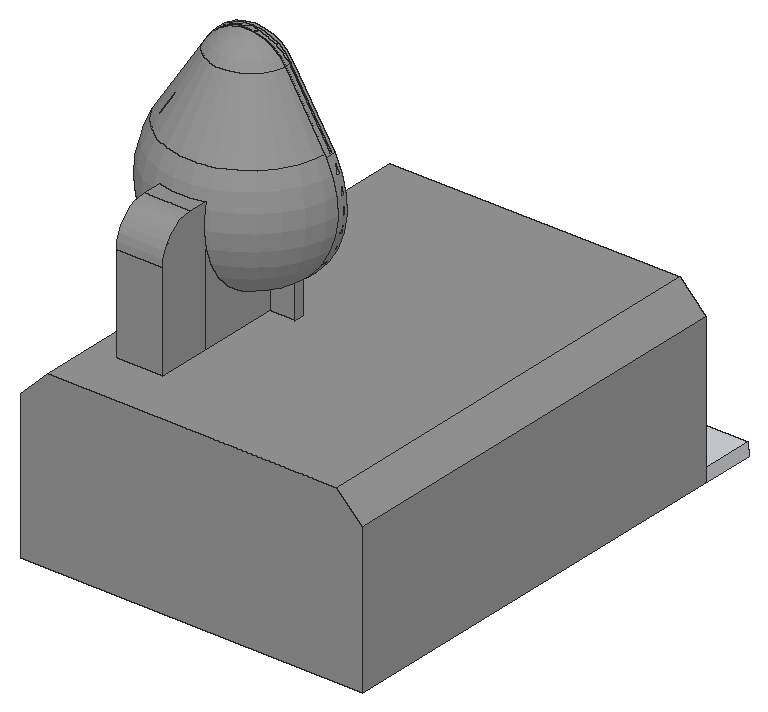
Revit family "Combination-Willoughby-ECW-2696-L-ON", category Plumbing Fixtures, Revit 2015
Parameters (values of type "Standard")
  Waste DIA = 2 3/8"
  Waste Connection = yes
  Vent Connection = no
  URL = "https://www.willoughby-ind.com/wp-content/uploads/2017/12/2696.pdf"
  Type Comments = ""
  Revision = "A"
  Model = "ECW-2696-L-ON"
  Manufacturer = "Willoughby Industries"
  Lav Waste DIA = 1 1/2"
  Lav Waste Connection = yes
  HW Connection = no
  Flush Inlet DIA = 1 1/2"
  Flush Inlet Connection = yes
  Fixture Body = Stainless Steel AISI 304-Willoughby
  Description = "2696 Combination Unit, Wall toilet waste outlet, Left hand toilet, Mounted off the floor"
  Default Elevation = 0' - 0"
  Contact = "(800) 428-4065"
  CW Connection = no
Reference planes (in)
  plane 1 "Center (Front/Back)/Base": y = 0
  plane 2: z = 0
  plane 3 "Center (Left/Right)": x = 0
  plane 4 "Unit Right": x = 13
  plane 5 "Unit Left": x = -13
  plane 6: z = 11.25
  plane 7: z = 13.25
  plane 8 "Front Face Right": x = 11
  plane 9 "Front Face Left": x = -11
  plane 10 "Top Of Unit": y = 36.5
  plane 11 "Top Of Sink": y = 32.5
  plane 12 "LAV C/L": x = -4
  plane 13 "Top Of Seat": y = 15
  plane 14: y = 3
  plane 15: x = 7.25
  plane 16: y = 11.5
  plane 17: y = 20.5
  plane 18: y = 24.25
  plane 19: x = -13
  plane 20: x = 13
  plane 21: x = -11
  plane 22: x = 11
  plane 23 "TOP": y = 36.5
  plane 24 "LAV": y = 32.5
  plane 25: x = 4
  plane 26 "Seat HGT": y = 15
  plane 27: y = 3
  plane 28: x = -7.25
  plane 29 "Waste HGT": y = 11.5
  plane 30 "Flush HGT": y = 20.5
  plane 31 "Lav Waste HGT": y = 24.25
  plane 32: z = 25.26837
  plane 33: z = 30.14337
  plane 34: x = -4.2508
  plane 35: x = -10.2508
  plane 36: z = -3
Forms (in)
  Extrusion 1, solid, material "Stainless Steel AISI 304-Willoughby" <- "Fixture Body"
    sketch origin (0, 0, 0) x (-1, 0, 0) y (0, 0, -1)
      loop
        line (13, 0) -> (-13, 0) -> (-13, -11.25) -> (-11, -13.25) -> (10.952, -13.25) -> (13, -11.202) -> (13, 0)
    from 0 to -32.5
  Extrusion 2, solid
    sketch origin (0, 0, 0) x (-1, 0, 0) y (0, 0, -1)
      loop
        line (13, 0) -> (-13, 0) -> (-13, -1) -> (13, -1) -> (13, 0)
    from -32.5 to -36.5
  Revolve 3, void
    sketch origin (0, 32.5, -24) x (0, 0, -1) y (1, 0, 0)
      loop
        spline (-26.375, 4) -> (-26.53685, 5.81173) -> (-27.01138, 7.5) -> (-27.76624, 8.94975) -> (-28.75, 10.06218) -> (-29.89561, 10.76148) -> (-31.125, 11) -> (-32.35439, 10.76148) -> (-33.5, 10.06218) -> (-34.48376, 8.94975) -> (-35.23862, 7.5) -> (-35.71315, 5.81173) -> (-35.875, 4)
        line (-35.875, 4) -> (-26.375, 4)
      axis (-35.875, 4) -> (-26.375, 4)
    angle from 0 to 180
  Revolve 4, solid, material "Stainless Steel AISI 304-Willoughby" <- "Fixture Body"
    sketch origin (0, 11.5, -24) x (0, 0, -1) y (1, 0, 0)
      loop
        line (-21, -7.25) -> (-21, -6.0625) -> (-25, -6.0625) -> (-25, -7.25) -> (-21, -7.25)
      axis (-21, -7.25) -> (-25, -7.25)
    angle from 0 to 360
  Revolve 5, solid, material "Stainless Steel AISI 304-Willoughby" <- "Fixture Body"
    sketch origin (0, 20.5, -24) x (0, 0, -1) y (1, 0, 0)
      loop
        line (-23.99302, -7.25) -> (-23.99302, -6.5) -> (-25, -6.5) -> (-25, -7.25) -> (-23.99302, -7.25)
      axis (-23.99302, -7.25) -> (-25, -7.25)
    angle from 0 to 360
  Revolve 6, solid, material "Stainless Steel AISI 304-Willoughby" <- "Fixture Body"
    sketch origin (0, 24.25, -24) x (0, 0, -1) y (1, 0, 0)
      loop
        line (-21, 4) -> (-21, 4.75) -> (-25, 4.75) -> (-25, 4) -> (-21, 4)
      axis (-21, 4) -> (-25, 4)
    angle from 0 to 360
  Revolve 7, solid, material "Stainless Steel AISI 304-Willoughby" <- "Fixture Body"
    sketch origin (-7.2508, 14.75, 9.00962) x (0, 0, -1) y (-1, 0, 0)
      loop
        arc (-16.25875, -6.02566) -> (-9.22764, -6.08019) -> (-5.69625, 0) r 7
        line (-5.69625, 0) -> (-6.19625, 0)
        arc (-6.19625, 0) -> (-9.4731, -5.64458) -> (-15.99973, -5.59794) r 6.5
        line (-15.99973, -5.59794) -> (-20.8721, -2.57392)
        arc (-20.8721, -2.57392) -> (-21.91777, -1.47245) -> (-22.28998, 0) r 3
        line (-22.28998, 0) -> (-22.79, 0)
        arc (-22.79, 0) -> (-22.35472, -1.71553) -> (-21.13577, -2.99875) r 3.5
        line (-21.13577, -2.99875) -> (-16.25875, -6.02566)
      axis (-22.79, 0) -> (-5.69625, 0)
    angle from 0 to 180
  Extrusion 8, solid, material "Stainless Steel AISI 304-Willoughby" <- "Fixture Body"
    sketch origin (-7.2508, 14.75, 8.79453) x (0, 0, -1) y (-1, 0, 0)
      loop
        arc (-16.31246, -6.11221) -> (-11.15584, -6.77641) -> (-6.96698, -3.69657) r 6.99024
        line (-6.96698, -3.69657) -> (-4.40074, -3.69657) -> (-4.40074, 3.65625) -> (-6.9421, 3.65625)
        arc (-6.9421, 3.65625) -> (-11.2049, 6.78845) -> (-16.44046, 6.03277) r 6.98205
        line (-16.44046, 6.03277) -> (-21.4104, 2.94819)
        arc (-21.4104, 2.94819) -> (-23.00527, 0) -> (-21.4104, -2.94819) r 3.52237
        line (-21.4104, -2.94819) -> (-16.31246, -6.11221)
      loop
        line (-20.34476, -1.63051) -> (-15.05004, -3.88749)
        arc (-15.05004, -3.88749) -> (-8.1517, 0) -> (-15.05004, 3.88749) r 4.54455
        line (-15.05004, 3.88749) -> (-20.34476, 1.63051)
        arc (-20.34476, 1.63051) -> (-21.22494, 0) -> (-20.34476, -1.63051) r 1.95034
    from 0.25 to -0.5
  Extrusion 9, solid, material "Stainless Steel AISI 304-Willoughby" <- "Fixture Body"
    sketch origin (-7.2508, 15, 14.20587) x (0, 1, 0) y (0, 0, 1)
      loop
        line (-6.77192, 9.05193) -> (-8.17415, 9.05193)
        arc (-8.17415, 9.05193) -> (-10.09199, 8.25753) -> (-10.88639, 6.33969) r 2.71224
        line (-10.88639, 6.33969) -> (-10.88639, -1.0106) -> (-6.77192, -1.0106) -> (-6.77192, 9.05193)
    from 1.75 to -1.75
  Extrusion 10, solid, material "Stainless Steel AISI 304-Willoughby" <- "Fixture Body"
    sketch origin (-7.2508, 15, 14.20587) x (0, 1, 0) y (0, 0, 1)
      loop
        line (-6.77192, -1.0106) -> (-0.75, -1.0106) -> (-0.75, 0.82799)
        arc (-0.75, 0.82799) -> (-4.5139, 2.48885) -> (-6.77192, 5.92785) r 7.26374
        line (-6.77192, 5.92785) -> (-6.77192, -1.0106)
    from 1.75 to -1.75
Cuts and joins
  Revolve 3 cuts Extrusion 1
Lines and regions (in)
  symbolic lines
    curve 1: line (0, 0, 0) -> (0, 36.5, 0)
    curve 2: line (0, 36.5, 0) -> (0, 36.5, 1)
    curve 3: line (0, 36.5, 1) -> (0, 32.5, 1)
    curve 4: line (0, 32.5, 1) -> (0, 32.5, 13.25)
    curve 5: line (0, 32.5, 13.25) -> (0, 0, 13.25)
    curve 6: line (0, 0, 13.25) -> (0, 0, 0)
    curve 7: line (0, 15, 13.25) -> (0, 15, 31.7998)
    curve 8: line (0, 15, 31.7998) -> (0, 14.25, 31.7998)
    curve 9: arc (0, 14.25, 31.7998) -> (0, 12.83737, 31.21167) -> (0, 11.76289, 30.12222) r 3.87196
    curve 10: line (0, 11.76289, 30.12222) -> (0, 8.72434, 25.26837)
    curve 11: arc (0, 8.72434, 25.26837) -> (0, 8.2284, 24.2953) -> (0, 7.91046, 23.25044) r 6.21501
    curve 12: line (0, 8.16214, 23.25044) -> (0, 6.8162, 23.25044)
    curve 13: arc (0, 6.8162, 23.25044) -> (0, 4.90518, 22.45887) -> (0, 4.11361, 20.54786) r 2.70259
    curve 14: line (0, 4.11361, 20.54786) -> (0, 4.11361, 13.25)
    curve 15: line (0, 14.25, 13.25) -> (0, 14.25, 15)
    curve 16: arc (0, 14.25, 15) -> (0, 9.2804, 17.70431) -> (0, 8.16214, 23.25044) r 6.68786
    curve 17: line (-13, 0, 0) -> (13, 0, 0)
    curve 18: line (13, 0, 0) -> (13, 0, 11.25)
    curve 19: line (13, 0, 11.25) -> (11, 0, 13.25)
    curve 20: line (11, 0, 13.25) -> (-10.952, 0, 13.25)
    curve 21: line (-10.952, 0, 13.25) -> (-13, 0, 11.202)
    curve 22: line (-13, 0, 11.202) -> (-13, 0, 0)
    curve 24: line (-3.55343, 0, 13.25) -> (-3.55343, 0, 15.76151)
    curve 25: arc (-3.55343, 0, 15.76151) -> (-0.47098, 0, 19.9497) -> (-1.13779, 0, 25.107) r 6.98322
    curve 26: line (-1.13779, 0, 25.107) -> (-4.25689, 0, 30.13441)
    curve 27: arc (-4.25689, 0, 30.13441) -> (-7.25623, 0, 31.80326) -> (-10.25556, 0, 30.13441) r 3.5297
    curve 28: line (-10.25556, 0, 30.13441) -> (-13.19652, 0, 25.39896)
    curve 29: arc (-13.28277, 0, 25.23499) -> (-14.03845, 0, 19.99943) -> (-10.90625, 0, 15.73663) r 6.98205
    curve 30: line (-10.90625, 0, 15.73663) -> (-10.90625, 0, 13.25)
    curve 37: line (13, 0, 0) -> (-13, 0, 0)
    curve 38: line (-13, 0, 0) -> (-13, 36.5, 0)
    curve 39: line (-13, 36.5, 0) -> (13, 36.5, 0)
    curve 40: line (13, 36.5, 0) -> (13, 0, 0)
    curve 41: line (-13, 32.5, 0) -> (13, 32.5, 0)
    curve 42: line (-14.24805, 14.25, 0) -> (-14.24805, 15, 0)
    curve 43: line (-14.24805, 15, 0) -> (-0.25195, 15, 0)
    curve 44: line (-0.25195, 15, 0) -> (-0.25195, 14.25, 0)
    curve 45: arc (-0.25195, 14.25, 0) -> (-2.47956, 9.62288, 0) -> (-7.2508, 7.72347, 0) r 7.071
    curve 46: arc (-7.2508, 7.72347, 0) -> (-12.00835, 9.63701, 0) -> (-14.24805, 14.25, 0) r 7.12353
    curve 47: line (-5.5008, 7.95653, 0) -> (-5.5008, 4.11361, 0)
    curve 48: line (-5.5008, 4.11361, 0) -> (-9.0008, 4.11361, 0)
    curve 49: line (-9.0008, 4.11361, 0) -> (-9.0008, 7.96751, 0)
  symbolic lines, detail levels medium+fine
    curve 23: line (-13, 0, 1) -> (13, 0, 1)
  symbolic lines, detail levels fine
    curve 31: arc (-5.61949, 0, 29.13929) -> (-7.25, 0, 30.01947) -> (-8.88051, 0, 29.13929) r 1.95034
    curve 32: line (-8.88051, 0, 29.13929) -> (-11.18216, 0, 23.84457)
    curve 33: line (-3.36251, 0, 23.84457) -> (-5.61949, 0, 29.13929)
    curve 34: arc (-3.36251, 0, 23.84457) -> (-7.27234, 0, 16.95827) -> (-11.18216, 0, 23.84457) r 4.55309
    curve 35: spline (4, 0, 11.875) -> (2.18827, 0, 11.71315) -> (0.5, 0, 11.23862) -> (-0.94975, 0, 10.48376) -> (-2.06218, 0, 9.5) -> (-2.76148, 0, 8.35439) -> (-3, 0, 7.125) -> (-2.76148, 0, 5.89561) -> (-2.06218, 0, 4.75) -> (-0.94975, 0, 3.76624) -> (0.5, 0, 3.01138) -> (2.18827, 0, 2.53685) -> (4, 0, 2.375)
    curve 36: spline (4, 0, 2.375) -> (5.81173, 0, 2.53685) -> (7.5, 0, 3.01138) -> (8.94975, 0, 3.76624) -> (10.06218, 0, 4.75) -> (10.76148, 0, 5.89561) -> (11, 0, 7.125) -> (10.76148, 0, 8.35439) -> (10.06218, 0, 9.5) -> (8.94975, 0, 10.48376) -> (7.5, 0, 11.23862) -> (5.81173, 0, 11.71315) -> (4, 0, 11.875)
Dimensions and locks (in)
  equal spacing: plane 4 "Unit Right", plane 3 "Center (Left/Right)", plane 5 "Unit Left"
  plane 4 "Unit Right" to plane 5 "Unit Left" = 2' - 2"
  locked: plane 5 "Unit Left" to plane 4 "Unit Right" at 26
  locked: plane 1 "Center (Front/Back)/Base" to plane 13 "Top Of Seat" at 15
  locked: plane 1 "Center (Front/Back)/Base" to plane 11 "Top Of Sink" at 32.5
  locked: plane 1 "Center (Front/Back)/Base" to plane 10 "Top Of Unit" at 36.5
  plane 13 "Top Of Seat" to plane 1 "Center (Front/Back)/Base" = 1' - 3"
  plane 7 to level = 1' - 1 1/4"
  plane 10 "Top Of Unit" to plane 11 "Top Of Sink" = 0' - 4"
  plane 11 "Top Of Sink" to plane 1 "Center (Front/Back)/Base" = 2' - 8 1/2"
  locked: plane 1 "Center (Front/Back)/Base" to plane 16 at 11.5
  locked: plane 1 "Center (Front/Back)/Base" to plane 17 at 20.5
  locked: plane 1 "Center (Front/Back)/Base" to plane 18 at 24.25
  plane 5 "Unit Left" to plane 3 "Center (Left/Right)" to plane 4 "Unit Right" = 1' - 1", 1' - 1"
  equal spacing: plane 19, plane 3 "Center (Left/Right)", plane 20
  locked: plane 20 to plane 19 at 26
  locked: plane 26 "Seat HGT" to plane 1 "Center (Front/Back)/Base" at 15
  locked: plane 28 to plane 19 at 5.75
  plane 28 to plane 19 = 0' - 5 3/4"
  locked: plane 20 to plane 25 at 9
  plane 20 to plane 3 "Center (Left/Right)" to plane 19 = 1' - 1", 1' - 1"
  plane 34 to plane 35 = 0' - 6"
  aligned and locked: Extrusion 2 to plane 19
  aligned and locked: plane 20 to Extrusion 2
  aligned and locked: plane 20 to Extrusion 1
  aligned and locked: Extrusion 1 to plane 19
  aligned and locked: Extrusion 1 to Extrusion 2
  aligned and locked: Extrusion 2 to plane 23 "TOP"
  aligned and locked: Extrusion 1 to plane 1 "Center (Front/Back)/Base"
  aligned and locked: plane 24 "LAV" to Extrusion 2
  aligned and locked: Extrusion 1 to plane 24 "LAV"
  aligned and locked: plane 25 to Revolve 3 sketch curve
  aligned and locked: Revolve 6 sketch curve to Revolve 6 sketch curve  (x2)
Automatic sketch dimensions
  Extrusion 1 sketch curve to level = 0' - 0"
  Extrusion 1 sketch curve to plane 4 "Unit Right" = 0' - 0"
  Extrusion 1 sketch curve to plane 7 = 0' - 0"
  Extrusion 1 sketch curve to plane 8 "Front Face Right" = 0' - 0"
  Extrusion 1 sketch curve to plane 5 "Unit Left" = 0' - 0"
  Extrusion 1 sketch curve to plane 6 = 0' - 0"
  Extrusion 1 sketch curve to plane 9 "Front Face Left" = 0' - 0.048"
  plane 6 to Extrusion 1 sketch curve = 0' - 0.048"
  Extrusion 2 sketch curve to level = 0' - 0"
  Extrusion 2 sketch curve to plane 4 "Unit Right" = 0' - 0"
  Extrusion 2 sketch curve to plane 5 "Unit Left" = 0' - 0"
  Extrusion 2 sketch curve to level = 0' - 1"
  plane 25 to Revolve 3 sketch curve = 0' - 0"
  Revolve 3 sketch curve to plane 6 = 0' - 0 5/8"
  Revolve 3 sketch curve to level = 0' - 2 3/8"
  Revolve 3 sketch curve to Revolve 3 sketch curve = 0' - 0"  (x2)
  Revolve 3 sketch curve to plane 12 "LAV C/L" = 0' - 1"
  plane 28 to Revolve 4 sketch curve = 0' - 0"  (x2)
  Revolve 4 sketch curve to level = 0' - 1"
  plane 28 to Revolve 4 sketch curve = 0' - 1 3/16"
  level to Revolve 4 sketch curve = 0' - 3"
  Revolve 4 sketch curve to Revolve 4 sketch curve = 0' - 0"  (x2)
  plane 28 to Revolve 5 sketch curve = 0' - 0"  (x2)
  Revolve 5 sketch curve to level = 0' - 1"
  plane 28 to Revolve 5 sketch curve = 0' - 0 3/4"
  level to Revolve 5 sketch curve = 0' - 0.00698"
  Revolve 5 sketch curve to Revolve 5 sketch curve = 0' - 0"
  Revolve 5 sketch curve to Revolve 5 sketch curve = 0' - 2.99302"
  Revolve 7 sketch curve to Revolve 7 sketch curve = 0' - 0"  (x6)
  Revolve 7 sketch curve to plane 3 "Center (Left/Right)" = 0' - 7.2508"  (x3)
  Revolve 7 sketch curve to plane 32 = 0' - 0"
  Revolve 7 sketch curve to plane 3 "Center (Left/Right)" = 0' - 7.22585"
  Revolve 7 sketch curve to plane 33 = 0' - 1.84366"
  Revolve 7 sketch curve to plane 33 = 0' - 0.26165"
  plane 33 to Revolve 7 sketch curve = 0' - 0.00202"
  plane 33 to Revolve 7 sketch curve = 0' - 1 5/32"
  Revolve 7 sketch curve to Revolve 7 sketch curve = 0' - 0 1/2"  (x2)
  Revolve 7 sketch curve to plane 32 = 0' - 0.25901"
  Revolve 7 sketch curve to plane 32 = 0' - 3 9/16"
  plane 7 to Revolve 7 sketch curve = 0' - 1.95587"
  Extrusion 8 sketch curve to plane 3 "Center (Left/Right)" = 0' - 7.2508"  (x3)
  plane 25 to Extrusion 8 sketch curve = 0' - 8.30261"
  plane 7 to Extrusion 8 sketch curve = 1' - 4.95493"
  Extrusion 8 sketch curve to plane 12 "LAV C/L" = 0' - 6.19899"
  Extrusion 8 sketch curve to plane 3 "Center (Left/Right)" = 0' - 5.62029"
  Extrusion 8 sketch curve to Extrusion 8 sketch curve = 0' - 1.06564"
  Extrusion 8 sketch curve to plane 3 "Center (Left/Right)" = 0' - 8.88132"
  Extrusion 8 sketch curve to Extrusion 8 sketch curve = 0' - 0.86186"
  Extrusion 8 sketch curve to Extrusion 8 sketch curve = 0' - 0.2083"
  plane 28 to Extrusion 8 sketch curve = 0' - 6.03358"
  Extrusion 8 sketch curve to Extrusion 8 sketch curve = 0' - 4.96994"
  Extrusion 8 sketch curve to plane 15 = 0' - 8.38859"
  Extrusion 8 sketch curve to Extrusion 8 sketch curve = 0' - 5.09794"
  Extrusion 8 sketch curve to plane 12 "LAV C/L" = 0' - 7.13829"
  Extrusion 8 sketch curve to Extrusion 8 sketch curve = 0' - 1.39042"
  plane 25 to Extrusion 8 sketch curve = 0' - 7.36331"
  Extrusion 8 sketch curve to plane 3 "Center (Left/Right)" = 0' - 7 31/128"
  Extrusion 8 sketch curve to Extrusion 8 sketch curve = 0' - 2.14484"
  Extrusion 8 sketch curve to Extrusion 8 sketch curve = 0' - 0.00561"
  Extrusion 8 sketch curve to Extrusion 8 sketch curve = 0' - 0.20334"
  plane 25 to Extrusion 8 sketch curve = 0' - 7.55423"
  Extrusion 8 sketch curve to plane 12 "LAV C/L" = 0' - 6.90705"
  plane 7 to Extrusion 8 sketch curve = 0' - 2.48663"
  Extrusion 8 sketch curve to plane 7 = 0' - 0.05473"
  plane 14 to Extrusion 9 sketch curve = 0' - 1.11361"
  Extrusion 9 sketch curve to Extrusion 9 sketch curve = 0' - 2.71224"
  Extrusion 9 sketch curve to plane 7 = 0' - 0.05473"
  Extrusion 9 sketch curve to plane 16 = 0' - 3.27192"
  plane 7 to Extrusion 9 sketch curve = 0' - 7.29556"
  Extrusion 10 sketch curve to plane 7 = 0' - 0.05473"
  Extrusion 10 sketch curve to plane 16 = 0' - 3.27192"
  Extrusion 10 sketch curve to plane 13 "Top Of Seat" = 0' - 0 3/4"
  plane 13 "Top Of Seat" to Extrusion 10 sketch curve = 0' - 0.18041"
  plane 7 to Extrusion 10 sketch curve = 0' - 1.78386"
  Extrusion 10 sketch curve to Extrusion 10 sketch curve = 0' - 6.93845"
  curve 1 to level = 0' - 0"
  curve 1 to plane 1 "Center (Front/Back)/Base" = 0' - 0"
  curve 14 to plane 7 = 0' - 0"
  curve 7 to plane 13 "Top Of Seat" = 0' - 0"
  curve 3 to plane 11 "Top Of Sink" = 0' - 0"
  curve 2 to plane 10 "Top Of Unit" = 0' - 0"
  plane 14 to curve 14 = 0' - 1.11361"
  plane 14 to curve 12 = 0' - 3.8162"
  curve 10 to plane 16 = 0' - 2.77566"
  plane 16 to curve 10 = 0' - 0.26289"
  curve 11 to plane 13 "Top Of Seat" = 0' - 1.00773"
  curve 8 to plane 13 "Top Of Seat" = 0' - 0 3/4"
  curve 16 to plane 13 "Top Of Seat" = 0' - 0.33818"
  plane 13 "Top Of Seat" to curve 9 = 0' - 0.00254"
  level to curve 3 = 0' - 1"
  curve 16 to curve 12 = 0' - 1.57528"
  curve 16 to curve 11 = 0' - 0.29544"
  curve 12 to curve 10 = 0' - 2.01793"
  curve 11 to curve 9 = 0' - 6.03107"
  curve 9 to curve 10 = 0' - 2.12054"
  curve 11 to curve 12 = 0' - 0.25168"
  curve 16 to plane 13 "Top Of Seat" = 0' - 0 3/4"
  curve 15 to curve 15 = 0' - 1 3/4"
  curve 17 to level = 0' - 0"
  curve 17 to plane 5 "Unit Left" = 0' - 0"
  curve 20 to plane 7 = 0' - 0"
  curve 31 to plane 3 "Center (Left/Right)" = 0' - 7 1/4"
  plane 25 to curve 35 = 0' - 0"
  curve 20 to plane 8 "Front Face Right" = 0' - 0"
  curve 18 to plane 4 "Unit Right" = 0' - 0"
  curve 18 to plane 6 = 0' - 0"
  plane 9 "Front Face Left" to curve 20 = 0' - 0.048"
  curve 32 to plane 12 "LAV C/L" = 0' - 7.18216"
  curve 30 to plane 12 "LAV C/L" = 0' - 6 29/32"
  curve 28 to plane 12 "LAV C/L" = 0' - 6.25556"
  curve 32 to plane 3 "Center (Left/Right)" = 0' - 8.88051"
  curve 34 to plane 3 "Center (Left/Right)" = 0' - 7.27234"
  curve 29 to plane 3 "Center (Left/Right)" = 0' - 7.26519"
  curve 27 to plane 3 "Center (Left/Right)" = 0' - 7.25623"
  curve 25 to plane 3 "Center (Left/Right)" = 0' - 7.23199"
  curve 33 to plane 3 "Center (Left/Right)" = 0' - 5.61949"
  plane 25 to curve 26 = 0' - 8.25689"
  plane 25 to curve 24 = 0' - 7.55343"
  curve 26 to plane 15 = 0' - 8.38779"
  curve 22 to plane 6 = 0' - 0.048"
  curve 30 to curve 30 = 0' - 2.48663"
  curve 24 to curve 24 = 0' - 2.51151"
  curve 30 to curve 34 = 0' - 5.77473"
  curve 34 to curve 29 = 0' - 0.18276"
  curve 29 to curve 25 = 0' - 0.00318"
  curve 29 to curve 32 = 0' - 2.15045"
  curve 31 to curve 27 = 0' - 0.20444"
  curve 27 to curve 33 = 0' - 0.86572"
  curve 32 to curve 28 = 0' - 0.99512"
  plane 28 to curve 29 = 0' - 6.03277"
  curve 29 to curve 28 = 0' - 0.08626"
  curve 17 to curve 23 = 0' - 1"
  level to curve 36 = 0' - 2 3/8"
  curve 36 to plane 6 = 0' - 4 1/8"
  curve 29 to curve 28 = 0' - 0.16397"
  curve 39 to plane 5 "Unit Left" = 0' - 0"
  curve 43 to plane 13 "Top Of Seat" = 0' - 0"
  curve 46 to plane 3 "Center (Left/Right)" = 0' - 7.2508"
  plane 1 "Center (Front/Back)/Base" to curve 40 = 0' - 0"
  curve 40 to plane 4 "Unit Right" = 0' - 0"
  curve 41 to plane 11 "Top Of Sink" = 0' - 0"
  curve 39 to plane 10 "Top Of Unit" = 0' - 0"
  plane 28 to curve 43 = 0' - 6.99805"
  curve 45 to plane 3 "Center (Left/Right)" = 0' - 7.30197"
  curve 46 to plane 3 "Center (Left/Right)" = 0' - 7.14952"
  curve 48 to plane 3 "Center (Left/Right)" = 0' - 5.5008"
  curve 44 to plane 15 = 0' - 7.50195"
  plane 14 to curve 48 = 0' - 1.11361"
  curve 42 to curve 42 = 0' - 0 3/4"
  curve 44 to plane 13 "Top Of Seat" = 0' - 0 3/4"
  curve 45 to plane 13 "Top Of Seat" = 0' - 0.20572"
  curve 46 to curve 49 = 0' - 0.24404"
  plane 12 "LAV C/L" to curve 33 = 0' - 0.63749"
  curve 33 to curve 31 = 0' - 4.22456"
  plane 25 to Revolve 6 sketch curve = 0' - 0"
  Revolve 6 sketch curve to level = 0' - 1"
  plane 25 to Revolve 6 sketch curve = 0' - 0 3/4"
  Revolve 6 sketch curve to Revolve 6 sketch curve = 0' - 0.01976"
  Revolve 6 sketch curve to plane 36 = 0' - 0"
Connectors (in)
  piping at (4, 24.25, -3), diameter 1.5, driven by "Lav Waste DIA", driven by "Lav Waste Connection"
    settings: on Revolve 6, index 4, connector inside diameter 24", connector length 0' - 0", flow factor 0, pipe flow 0 GPM, pressure drop 0.00 psi, fitting loss kfactor 0, connector angle 0.00°, fixture units 0, engagement length 0' - 0", angle of deflection 0.00°, flow configuration 0, flow direction 2, fitting loss method 0, system type 16, joint type 0, gender type 0, connector reference index -1, connector utility 1, adjustable connector no, is connector primary yes, connector description "Sink Waste"
  piping at (-7.25, 20.5, -0.00698), diameter 1.5, driven by "Flush Inlet DIA", driven by "Flush Inlet Connection"
    settings: on Revolve 5, index 5, connector inside diameter 24", connector length 0' - 0", flow factor 0, pipe flow 0 GPM, pressure drop 0.00 psi, fitting loss kfactor 0, connector angle 0.00°, fixture units 0, engagement length 0' - 0", angle of deflection 0.00°, flow configuration 0, flow direction 1, fitting loss method 0, system type 20, joint type 0, gender type 0, connector reference index -1, connector utility 1, adjustable connector no, is connector primary no, connector description "Flush Inlet"
  piping at (-7.25, 11.5, -3), diameter 2.375, driven by "Waste Connection", driven by "Waste DIA"
    settings: on Revolve 4, index 6, connector inside diameter 24", connector length 0' - 0", flow factor 0, pipe flow 0 GPM, pressure drop 0.00 psi, fitting loss kfactor 0, connector angle 0.00°, fixture units 0, engagement length 0' - 0", angle of deflection 0.00°, flow configuration 0, flow direction 2, fitting loss method 0, system type 16, joint type 0, gender type 0, connector reference index -1, connector utility 1, adjustable connector no, is connector primary no, connector description "Toilet Waste"
